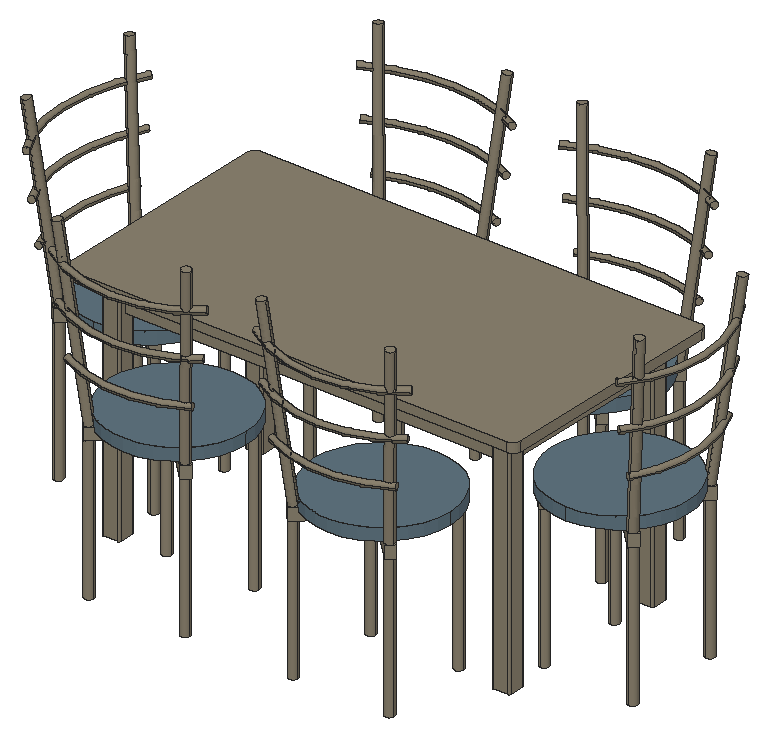
Revit family "Стол обеденный на 6 человек", category Мебель, Revit 2019
Family settings
  Номер OmniClass = 23.40.20.00
  Заголовок OmniClass = General Furniture and Specialties
  На основе рабочей плоскости = Нет
  Всегда вертикально = Да
  При загрузке вырезать с полостями = Нет
  Общий = Нет
  Точка расчета площади = Нет
Parameters
  Ширина (глубина) [instance] = 800 mm
  Изготовитель = "Литвинчук Артур"
  Длина [instance] = 1500 mm
  Расстояние края стола до центра стульчика [instance] = 0.275 * Длина  # 412.5 mm
  Высота [instance] = 800 mm
  URL = "lytvynchukartur@gmail.com"
  6 стул [instance] = yes
  5 стул [instance] = yes
  4 стул [instance] = yes
  3 стул [instance] = yes
  2 стул [instance] = yes
  1 стул [instance] = yes
Reference planes
  plane 1 "По центру (Вперед/Назад)": y = 0
  plane 2: z = 0
  plane 3 "По центру (Влево/Вправо)": x = 0
  plane 4: y = -800
  plane 5: x = 1500
  plane 6: z = 800
  plane 7: z = 770
  plane 8 "По центру Л/С": y = -95
  plane 9 "По центру Л/Т": y = -115
  plane 10: z = 670
  plane 11: y = -705
  plane 12: y = -685
  plane 13: x = 1405
  plane 14: x = 1385
  plane 15: x = 115
  plane 16: x = 95
  plane 17: y = -400
  plane 18: x = 1087.5
  plane 19: x = 1087.5
  plane 20: x = 1100
  plane 21: x = 412.5
  plane 22: x = 412.5
  plane 23: x = 1100
  plane 24: x = 400
  plane 25: x = 400
Forms (mm)
  Extrusion 1, solid, material "Материал стол/стул"
    sketch origin (0, 0, 0) x (1, 0, 0) y (0, 1, 0)
      loop
        arc (25, 0) -> (7.322, -7.322) -> (0, -25) r 25
        line (0, -25) -> (0, -775)
        arc (0, -775) -> (7.322, -792.678) -> (25, -800) r 25
        line (25, -800) -> (1475, -800)
        arc (1475, -800) -> (1492.678, -792.678) -> (1500, -775) r 25
        line (1500, -775) -> (1500, -25)
        arc (1500, -25) -> (1492.678, -7.322) -> (1475, 0) r 25
        line (1475, 0) -> (25, 0)
    from 770 to 800
  Extrusion 2, solid, material "Материал стол/стул"
    sketch origin (0, 0, 0) x (1, 0, 0) y (0, 1, 0)
      loop
        arc (82.5, -75) -> (77.197, -77.197) -> (75, -82.5) r 7.5
        line (75, -82.5) -> (75, -127.5)
        arc (75, -127.5) -> (77.197, -132.803) -> (82.5, -135) r 7.5
        line (82.5, -135) -> (127.5, -135)
        arc (127.5, -135) -> (132.803, -132.803) -> (135, -127.5) r 7.5
        line (135, -127.5) -> (135, -82.5)
        arc (135, -82.5) -> (132.803, -77.197) -> (127.5, -75) r 7.5
        line (127.5, -75) -> (82.5, -75)
    from 0 to 770
  Extrusion 3, solid, material "Материал стол/стул"
    sketch origin (1500, 0, 0) x (-1, 0, 0) y (0, -1, 0)
      loop
        line (82.5, 75) -> (127.5, 75)
        arc (127.5, 75) -> (132.803, 77.197) -> (135, 82.5) r 7.5
        line (135, 82.5) -> (135, 127.5)
        arc (135, 127.5) -> (132.803, 132.803) -> (127.5, 135) r 7.5
        line (127.5, 135) -> (82.5, 135)
        arc (82.5, 135) -> (77.197, 132.803) -> (75, 127.5) r 7.5
        line (75, 127.5) -> (75, 82.5)
        arc (75, 82.5) -> (77.197, 77.197) -> (82.5, 75) r 7.5
    from 0 to 770
  Extrusion 4, solid, material "Материал стол/стул"
    sketch origin (0, -800, 0) x (1, 0, 0) y (0, 1, 0)
      loop
        line (82.5, 75) -> (127.5, 75)
        arc (127.5, 75) -> (132.803, 77.197) -> (135, 82.5) r 7.5
        line (135, 82.5) -> (135, 127.5)
        arc (135, 127.5) -> (132.803, 132.803) -> (127.5, 135) r 7.5
        line (127.5, 135) -> (82.5, 135)
        arc (82.5, 135) -> (77.197, 132.803) -> (75, 127.5) r 7.5
        line (75, 127.5) -> (75, 82.5)
        arc (75, 82.5) -> (77.197, 77.197) -> (82.5, 75) r 7.5
    from 0 to 770
  Extrusion 5, solid, material "Материал стол/стул"
    sketch origin (1500, -800, 0) x (-1, 0, 0) y (0, -1, 0)
      loop
        arc (82.5, -75) -> (77.197, -77.197) -> (75, -82.5) r 7.5
        line (75, -82.5) -> (75, -127.5)
        arc (75, -127.5) -> (77.197, -132.803) -> (82.5, -135) r 7.5
        line (82.5, -135) -> (127.5, -135)
        arc (127.5, -135) -> (132.803, -132.803) -> (135, -127.5) r 7.5
        line (135, -127.5) -> (135, -82.5)
        arc (135, -82.5) -> (132.803, -77.197) -> (127.5, -75) r 7.5
        line (127.5, -75) -> (82.5, -75)
    from 0 to 770
  Extrusion 6, solid, material "Материал стол/стул"
    sketch origin (0, 0, 0) x (1, 0, 0) y (0, 1, 0)
      loop
        line (135, -95) -> (135, -115) -> (1365, -115) -> (1365, -95) -> (135, -95)
    from 670 to 770
  Extrusion 7, solid, material "Материал стол/стул"
    sketch origin (0, -590, 0) x (1, 0, 0) y (0, 1, 0)
      loop
        line (135, -95) -> (135, -115) -> (1365, -115) -> (1365, -95) -> (135, -95)
    from 670 to 770
  Extrusion 8, solid, material "Материал стол/стул"
    sketch origin (120.748, -650.748, 0) x (0, 1, 0) y (-1, 0, 0)
      loop
        line (-14.252, 25.748) -> (-14.252, 5.748) -> (515.748, 5.748) -> (515.748, 25.748) -> (-14.252, 25.748)
    from 670 to 770
  Extrusion 9, solid, material "Материал стол/стул"
    sketch origin (820.748, -650.748, 0) x (0, 1, 0) y (-1, 0, 0)
      loop
        line (-14.252, -564.252) -> (-14.252, -584.252) -> (515.748, -584.252) -> (515.748, -564.252) -> (-14.252, -564.252)
    from 670 to 770
Dimensions and locks
  "Ширина (глубина)": plane 4 to plane 1 "По центру (Вперед/Назад)"
  "Длина": plane 3 "По центру (Влево/Вправо)" to plane 5
  "Высота": plane 6 to level
  locked: plane 6 to plane 7 at 30
  locked: Extrusion 2 to Extrusion 2 at 60  (x2)
  locked: Extrusion 2 to plane 1 "По центру (Вперед/Назад)" at 75
  locked: plane 3 "По центру (Влево/Вправо)" to Extrusion 2 at 75
  locked: Extrusion 3 to Extrusion 3 at 60  (x2)
  locked: Extrusion 3 to plane 5 at 75
  locked: Extrusion 3 to plane 1 "По центру (Вперед/Назад)" at 75
  locked: Extrusion 4 to Extrusion 4 at 60  (x2)
  locked: Extrusion 5 to Extrusion 5 at 60  (x2)
  locked: Extrusion 4 to plane 4 at 75
  locked: plane 3 "По центру (Влево/Вправо)" to Extrusion 4 at 75
  locked: Extrusion 5 to plane 5 at 75
  locked: Extrusion 5 to plane 4 at 75
  plane 9 "По центру Л/Т" to plane 8 "По центру Л/С" to plane 1 "По центру (Вперед/Назад)" = 20 mm locked, 95 mm locked
  plane 12 to plane 11 to plane 4 = 20 mm locked, 95 mm locked
  plane 14 to plane 13 to plane 5 = 20 mm locked, 95 mm locked
  plane 3 "По центру (Влево/Вправо)" to plane 16 to plane 15 = 95 mm locked, 20 mm locked
  equal spacing: plane 1 "По центру (Вперед/Назад)", plane 17, plane 4
  "Расстояние края стола до центра стульчика": plane 18 to plane 5
  "Расстояние края стола до центра стульчика": plane 19 to plane 5
  "Расстояние края стола до центра стульчика": plane 3 "По центру (Влево/Вправо)" to plane 21
  "Расстояние края стола до центра стульчика": plane 3 "По центру (Влево/Вправо)" to plane 22
  locked: nested 4 to plane 17 at 225
  locked: nested 5 to plane 17 at 225
  locked: plane 4 to nested 3 at 255.01
  locked: plane 4 to nested 6 at 255.01
  locked: plane 1 "По центру (Вперед/Назад)" to nested 2 at 255.01
  locked: plane 1 "По центру (Вперед/Назад)" to nested 1 at 255.01
  locked: nested 4 to plane 3 "По центру (Влево/Вправо)" at 255
  locked: plane 5 to nested 5 at 255
  aligned and locked: level to plane 2
  aligned and locked: Extrusion 1 to plane 3 "По центру (Влево/Вправо)"
  aligned and locked: Extrusion 1 to plane 1 "По центру (Вперед/Назад)"
  aligned and locked: Extrusion 1 to plane 4
  aligned and locked: plane 5 to Extrusion 1
  aligned and locked: plane 6 to Extrusion 1
  aligned and locked: Extrusion 1 to plane 7
  aligned and locked: Extrusion 2 to Extrusion 1
  aligned and locked: Extrusion 6 to Extrusion 2
  aligned and locked: Extrusion 6 to Extrusion 3
  aligned and locked: plane 9 "По центру Л/Т" to Extrusion 6
  aligned and locked: Extrusion 6 to plane 8 "По центру Л/С"
  aligned and locked: plane 7 to Extrusion 6
  aligned and locked: Extrusion 6 to plane 10
  aligned and locked: plane 12 to Extrusion 7
  aligned and locked: Extrusion 7 to plane 11
  aligned and locked: Extrusion 7 to Extrusion 5
  aligned and locked: Extrusion 7 to Extrusion 4
  aligned and locked: Extrusion 7 to plane 10
  aligned and locked: plane 7 to Extrusion 7
  aligned and locked: plane 13 to Extrusion 9
  aligned and locked: Extrusion 9 to plane 14
  aligned and locked: Extrusion 9 to Extrusion 3
  aligned and locked: Extrusion 9 to Extrusion 5
  aligned and locked: plane 7 to Extrusion 8
  aligned and locked: Extrusion 8 to plane 10
  aligned and locked: plane 7 to Extrusion 9
  aligned and locked: Extrusion 9 to plane 10
  aligned and locked: Extrusion 8 to plane 16
  aligned and locked: plane 15 to Extrusion 8
  aligned and locked: Extrusion 8 to Extrusion 2
  aligned and locked: Extrusion 8 to Extrusion 4
Automatic sketch dimensions
  Extrusion 1 sketch curve to plane 3 "По центру (Влево/Вправо)" = 0 mm
  Extrusion 1 sketch curve to plane 4 = 0 mm
  plane 1 "По центру (Вперед/Назад)" to Extrusion 1 sketch curve = 0 mm
  Extrusion 1 sketch curve to plane 5 = 0 mm
  plane 3 "По центру (Влево/Вправо)" to Extrusion 1 sketch curve = 25 mm  (x2)
  Extrusion 1 sketch curve to plane 5 = 25 mm
  Extrusion 1 sketch curve to Extrusion 1 sketch curve = 25 mm
  Extrusion 2 sketch curve to plane 16 = 20 mm
  Extrusion 2 sketch curve to Extrusion 2 sketch curve = 7.5 mm  (x3)
  plane 15 to Extrusion 2 sketch curve = 12.5 mm  (x2)
  plane 9 "По центру Л/Т" to Extrusion 2 sketch curve = 20 mm
  Extrusion 2 sketch curve to plane 8 "По центру Л/С" = 12.5 mm
  Extrusion 3 sketch curve to plane 13 = 20 mm
  Extrusion 3 sketch curve to Extrusion 3 sketch curve = 7.5 mm  (x3)
  plane 14 to Extrusion 3 sketch curve = 12.5 mm  (x2)
  Extrusion 3 sketch curve to plane 9 "По центру Л/Т" = 20 mm
  plane 8 "По центру Л/С" to Extrusion 3 sketch curve = 12.5 mm
  plane 16 to Extrusion 4 sketch curve = 20 mm
  Extrusion 4 sketch curve to Extrusion 4 sketch curve = 7.5 mm  (x3)
  Extrusion 4 sketch curve to plane 15 = 12.5 mm  (x2)
  Extrusion 4 sketch curve to plane 12 = 20 mm
  plane 11 to Extrusion 4 sketch curve = 12.5 mm
  plane 13 to Extrusion 5 sketch curve = 20 mm
  Extrusion 5 sketch curve to Extrusion 5 sketch curve = 7.5 mm  (x3)
  Extrusion 5 sketch curve to plane 14 = 12.5 mm  (x2)
  plane 12 to Extrusion 5 sketch curve = 20 mm
  Extrusion 5 sketch curve to plane 11 = 12.5 mm
  plane 9 "По центру Л/Т" to Extrusion 6 sketch curve = 0 mm
  plane 8 "По центру Л/С" to Extrusion 6 sketch curve = 0 mm
  plane 15 to Extrusion 6 sketch curve = 20 mm
  Extrusion 6 sketch curve to plane 14 = 20 mm
  Extrusion 7 sketch curve to plane 11 = 0 mm
  Extrusion 7 sketch curve to plane 12 = 0 mm
  plane 15 to Extrusion 7 sketch curve = 20 mm
  Extrusion 7 sketch curve to plane 14 = 20 mm
  plane 12 to Extrusion 8 sketch curve = 20 mm
  Extrusion 8 sketch curve to Extrusion 8 sketch curve = 530 mm
  plane 15 to Extrusion 8 sketch curve = 0 mm
  Extrusion 8 sketch curve to Extrusion 8 sketch curve = 20 mm
  Extrusion 9 sketch curve to plane 13 = 0 mm
  Extrusion 9 sketch curve to plane 14 = 0 mm
  plane 12 to Extrusion 9 sketch curve = 20 mm
  plane 9 "По центру Л/Т" to Extrusion 9 sketch curve = 20 mm
Nested families
  nested 1: "Стул" at (1087.5, 40, 0), visible <- "3 стул", type "Стул"
  nested 2: "Стул" at (412.5, 40, 0) x (-1, 0, 0) z (0, 0, 1), visible <- "2 стул", type "Стул"
  nested 3: "Стул" at (1087.5, -840, 0), visible <- "5 стул", type "Стул"
  nested 4: "Стул" at (-39.99, -400, 0) x (0, 1, 0) z (0, 0, 1), visible <- "1 стул", type "Стул"
  nested 5: "Стул" at (1539.99, -400, 0) x (0, 1, 0) z (0, 0, 1), visible <- "4 стул", type "Стул"
  nested 6: "Стул" at (412.5, -840, 0), visible <- "6 стул", type "Стул"
  nested 7: "Стул" at (1100, -840, 0), visible <- "5 стул", type "Стул", not visible
  nested 8: "Стул" at (1100, 40, 0), visible <- "3 стул", type "Стул", not visible
  nested 9: "Стул" at (400, 40, 0) x (-1, 0, 0) z (0, 0, 1), visible <- "2 стул", type "Стул", not visible
  nested 10: "Стул" at (400, -840, 0), visible <- "6 стул", type "Стул", not visible
Definition of nested family "Стул"
  Parameters (values of type "430 mm dia")
    Manufacturer = "Литвинчук Артур"
    URL = "lytvynchukartur@gmail.com"
  Reference planes
    plane 1 "Center (Front/Back)": y = 0
    plane 2: z = 0
    plane 3 "Center (Left/Right)": x = 0
    plane 4: y = 158.862
  Forms (mm)
    Extrusion 1, solid
      sketch origin (0, -9.99, 0) x (1, 0, 0) y (0, 1, 0)
        loop
          circle (0, 0) r 225
      from 509.714 to 549.714
    Extrusion 2, solid
      sketch origin (0, 0.01, 0) x (1, 0, 0) y (0, 1, 0)
        loop
          line (-166.17, -144.957) -> (-144.957, -166.17) -> (0, -21.213) -> (144.957, -166.17) -> (166.17, -144.957) -> (21.213, 0) -> (180.312, 159.099) -> (159.099, 180.312) -> (0, 21.213) -> (-159.099, 180.312) -> (-180.312, 159.099) -> (-21.213, 0) -> (-166.17, -144.957)
      from 509.714 to 469.714
    Extrusion 3, solid
      sketch origin (0, 0.01, 0) x (1, 0, 0) y (0, 1, 0)
        loop
          circle (-159.293, 158.906) r 15
        loop
          circle (-145.152, -144.765) r 15
        loop
          circle (145.152, -144.765) r 15
        loop
          circle (159.293, 158.906) r 15
      from 0 to 469.714
    Sweep 4, solid
      path origin (0, -93.201, 27.148) x (1, 0, 0) y (0, 0.994522, -0.104528)
        loop
          arc (-232.176, 136.96) -> (-2.745, 209.3) -> (226.686, 136.96) r 400
      profile origin (-2.745, 0, 0) x (0, 0.994522, -0.104528) y (0, 0.104528, 0.994522)
        loop
          circle (160.815, 1017.257) r 10
    Sweep 5, solid
      path origin (0, -108.88, -122.03) x (1, 0, 0) y (0, 0.994522, -0.104528)
        loop
          arc (-217.665, 146.656) -> (-2.745, 209.3) -> (212.175, 146.656) r 400
      profile origin (-2.745, 0, 0) x (0, 0.994522, -0.104528) y (0, 0.104528, 0.994522)
        loop
          circle (160.815, 867.257) r 10
    Sweep 6, solid
      path origin (0, -124.559, -271.208) x (1, 0, 0) y (0, 0.994522, -0.104528)
        loop
          arc (-187.444, 164.104) -> (-2.745, 209.3) -> (181.955, 164.104) r 400
      profile origin (-2.745, 0, 0) x (0, 0.994522, -0.104528) y (0, 0.104528, 0.994522)
        loop
          circle (160.815, 717.257) r 10
    Sweep 7, solid
      path origin (49.733, 105.828, 7.283) x (1, 0, 0) y (0, 0.104528, 0.994522)
        loop
          line (109.745, 508.667) -> (163.781, 1126.307)
      profile origin (73.984, 88.393, 841.003) x (-0.996195, 0.00911, 0.086678) y (0, -0.994522, 0.104528)
        loop
          circle (-112.943, -104.487) r 15
    Sweep 8, solid
      path origin (-49.733, 105.828, 7.283) x (-1, 0, 0) y (0, -0.104528, -0.994522)
        loop
          line (109.745, -508.667) -> (163.781, -1126.307)
      profile origin (-72.485, 34.33, 846.817) x (0.996195, 0.00911, 0.086678) y (0, 0.994522, -0.104528)
        loop
          circle (-114.447, 158.862) r 15
  Dimensions and locks
    radius of Extrusion 1 = 225 mm
    aligned and locked: Extrusion 2 sketch curve to Extrusion 2 sketch curve  (x2)
    aligned and locked: Extrusion 3 to Extrusion 2
    aligned and locked: Extrusion 1 to Extrusion 2
